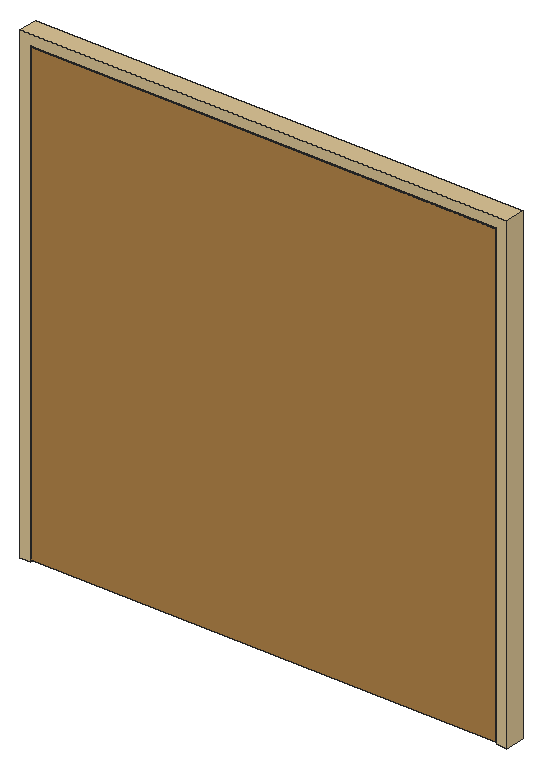
Revit family "DAL_A3-Garage-4-Panel-vertical-(UK)", category Doors, host Wall, Revit 2016
Family settings
  Host = Wall
  Always vertical = Yes
  Cut with Voids When Loaded = No
  Shared = No
  Room Calculation Point = No
Parameters (values of type "2271 x 2205mm Garage Door")
  Wrap Layers (Ext) from Ext = 102.5 mm
  Wrap Layers (Int) from Ext = 177.5 mm
  Vis - Ironmongery = yes
  Vis - Cavity Closers = yes
  Thickness = Door Panel Thickness  # 44.0 mm
  Stile Top Rail = 125.0 mm
  Stile Muntin Rail = 70.0 mm
  Stile Intermediate/Frieze = 70.0 mm
  Stile Hanging = 125.0 mm
  Stile Bottom Rail = 125.0 mm
  Rough Width = Width  # 2271.0 mm
  Rough Height = Height  # 2205.0 mm
  Operation = "UserDefined"
  O/A Frame Width = 64.0 mm
  Handle Z Distance = 900.0 mm
  Function = Interior
  FrameWidth = 42.0 mm
  FrameOffset - External = 25.0 mm
  FrameDepth = 89.0 mm
  Door Panel Thickness = 44.0 mm
  Height = 2205.0 mm
  Material Door = Door - Panel
  Material Frame = Door -  Frame/Mullion
  Material Ironmongery = Door - Handle
  Structural Tolerance = 6.5 mm
  Tolerance = 3.0 mm
  Undercut = 10.0 mm
  Wall Closure = By host
  Width = 2271.0 mm
  Cavity Closer Width = 50.0 mm
  Cavity Closer Offset from Ext = 102.5 mm
  Cavity Closer Depth = 85.0 mm
Types (2, lengths in mm): name | Stile Muntin Rail | Rough Height | Height
  2271 x 2052mm | 75.0 | 2052.0 | 2052.0
  2271 x 2205mm Garage Door | 70.0 | 2205.0 | 2205.0
Reference planes
  plane 1: y = 0
  plane 2 "Center L/R": x = 0
  plane 3 "Left": x = -1135.5
  plane 4 "Right": x = 1135.5
  plane 5 "Head Opening": z = 2205
  plane 6 "Exterior": y = 150
  plane 7 "Interior": y = -150
  plane 8 "ST left": x = -1129
  plane 9 "ST right": x = 1129
  plane 10 "Int frame left": x = -1087
  plane 11 "Int frame right": x = 1087
  plane 12 "RHS Leaf Edge": x = 1084
  plane 13: z = 2198.5
  plane 14: z = 2156.5
  plane 15: z = 2153.5
  plane 16: y = 83
  plane 17 "LHS Leaf Edge": x = -1084
  plane 18: z = 0
  plane 19: y = 80
  plane 20: y = 125
  plane 21: y = 36
  plane 22: y = 180
  plane 23: z = 10
  plane 24: z = 0
  plane 25 "Front Cavity Closer": y = 47.5
  plane 26: x = 959
  plane 27: x = -959
  plane 28: z = 2028.5
  plane 29: z = 135
  plane 30: z = 900
  plane 31: x = 0
  plane 32: x = -479.5
  plane 33: x = 479.5
  plane 34: x = 514.5
  plane 35: x = 444.5
  plane 36: x = 35
  plane 37: x = -35
  plane 38: x = -444.5
  plane 39: x = -514.5
  plane 40: z = 1953.5
  plane 41: y = 47.5
  plane 42: y = -27.5
Forms (mm)
  Sweep 1, solid, material "Door -  Frame/Mullion" <- "Material Frame"
    path origin (0, 125, 0) x (1, 0, 0) y (0, 0, 1)
      loop
        line (1129, 0) -> (1129, 2198.5) -> (-1129, 2198.5) -> (-1129, 0)
    profile origin (0, 0, 1099.25) x (-1, 0, 0) y (0, -1, 0)
      loop
        line (-1135.5, -125) -> (-1065, -125) -> (-1065, -83) -> (-1087, -83) -> (-1087, -36) -> (-1135.5, -36) -> (-1135.5, -125)
  Extrusion 2, solid, material "Door - Panel" <- "Material Door"
    sketch origin (0, 36, 0) x (1, 0, 0) y (0, 0, 1)
      loop
        line (-1084, 10) -> (1084, 10) -> (1084, 2153.5) -> (-1084, 2153.5) -> (-1084, 10)
    from 0 to -44
  Extrusion 3, void
    sketch origin (1084, 80, 10) x (0, 0, 1) y (-1, 0, 0)
      loop
        line (125, 125) -> (1943.5, 125)
        arc (1943.5, 125) -> (2018.534, 347.25) -> (1943.5, 569.5) r 366.669
        line (1943.5, 569.5) -> (125, 569.5) -> (125, 125)
      loop
        line (125, 639.5) -> (1943.5, 639.5)
        arc (1943.5, 639.5) -> (2018.608, 844.25) -> (1943.5, 1049) r 316.636
        line (1943.5, 1049) -> (125, 1049) -> (125, 639.5)
      loop
        line (125, 1119) -> (1943.5, 1119)
        arc (1943.5, 1119) -> (2018.515, 1323.75) -> (1943.5, 1528.5) r 316.937
        line (1943.5, 1528.5) -> (125, 1528.5) -> (125, 1119)
      loop
        line (125, 1598.5) -> (1941.823, 1598.5)
        arc (1941.823, 1598.5) -> (2018.519, 1820.75) -> (1941.823, 2043) r 360.37
        line (1941.823, 2043) -> (125, 2043) -> (125, 1598.5)
    from 0 to 12
Cuts and joins
  Extrusion 3 cuts Sweep 1
  Extrusion 3 cuts Extrusion 2
Lines and regions (mm)
  Opening 1
    outline origin (-5000, -150, 0) x (1, 0, 0) y (0, 0, 1)
      loop
        line (6135.5, 2205) -> (3864.5, 2205) -> (3864.5, 0) -> (6135.5, 0) -> (6135.5, 2205)
  symbolic lines, style "Structural Opening", detail levels medium+fine
    curve 1: line (-1135.5, 0, 0) -> (-1135.5, 0, 2205)
    curve 2: line (-1135.5, 0, 2205) -> (1135.5, 0, 2205)
    curve 3: line (1135.5, 0, 2205) -> (1135.5, 0, 0)
    curve 4: line (-1135.5, 0, 0) -> (1135.5, 0, 0)
  symbolic lines, style "Threshold", detail levels medium+fine
    curve 5: line (-1160.5, 150, 0) -> (-1160.5, 180, 0)
    curve 6: line (-1160.5, 180, 0) -> (1160.5, 180, 0)
    curve 7: line (1160.5, 180, 0) -> (1160.5, 150, 0)
    curve 8: line (1084, 36, 0) -> (-256.5, 36, 0)
  symbolic lines, style "Cavity Closer", visible <- "Vis - Cavity Closers", detail levels medium+fine
    curve 9: line (-1185.5, -37.5, 0) -> (-1135.5, -37.5, 0)
    curve 10: line (-1185.5, 47.5, 0) -> (-1185.5, -37.5, 0)
    curve 11: line (-1135.5, 47.5, 0) -> (-1185.5, 47.5, 0)
    curve 12: line (-1135.5, -37.5, 0) -> (-1135.5, 47.5, 0)
    curve 13: line (1135.5, -37.5, 0) -> (1185.5, -37.5, 0)
    curve 14: line (1135.5, 47.5, 0) -> (1135.5, -37.5, 0)
    curve 15: line (1185.5, 47.5, 0) -> (1135.5, 47.5, 0)
    curve 16: line (1185.5, -37.5, 0) -> (1185.5, 47.5, 0)
    curve 17: line (-1185.5, -37.5, 0) -> (-1135.5, 47.5, 0)
    curve 18: line (-1185.5, 47.5, 0) -> (-1135.5, -37.5, 0)
    curve 19: line (1135.5, -37.5, 0) -> (1185.5, 47.5, 0)
    curve 20: line (1135.5, 47.5, 0) -> (1185.5, -37.5, 0)
  symbolic lines, style "DoorsFrameMullionProjection"
    curve 21: line (1087, 0, 0) -> (-853.5, 0, 0)
    curve 22: line (1087, 0, 2153.5) -> (1087, 0, 0)
    curve 23: line (-853.5, 0, 2153.5) -> (1087, 0, 2153.5)
    curve 24: line (1160.5, 0, -15.905) -> (1160.5, 0, 0)
  symbolic lines, style "Elevation Swing"
    curve 25: line (1065, 0, 10) -> (1.5, 0, 2153.5)
    curve 26: line (0, 0, 2153.5) -> (-1065, 0, 10)
  symbolic lines, style "DoorsPanelProjection"
    curve 27: line (1084, 80, 0) -> (-1084, 80, 0)
    curve 28: line (-1084, 36, 0) -> (1084, 36, 0)
    curve 29: line (-1084, 80, 0) -> (-1084, 36, 0)
    curve 30: line (1084, 36, 0) -> (1084, 80, 0)
Text (mm)
  text "Exterior" at (-1796.445, 976.134, 0), in view "Ref. Level"
  text "Exterior" at (0, 1615.38, 2893.938), in view "Left"
  text "Exterior" at (0, 1036.032, 3874.932), in view "Right"
Dimensions and locks
  equal spacing: plane 3 "Left", plane 2 "Center L/R", plane 4 "Right"
  "Width": plane 3 "Left" to plane 4 "Right"
  "Height": level to plane 5 "Head Opening"
  locked: plane 6 "Exterior" to host wall at 0
  locked: plane 7 "Interior" to host wall
  "Structural Tolerance": plane 3 "Left" to plane 8 "ST left"
  "Structural Tolerance": plane 9 "ST right" to plane 4 "Right"
  "Tolerance": plane 12 "RHS Leaf Edge" to plane 11 "Int frame right"
  "Structural Tolerance": plane 5 "Head Opening" to plane 13
  "Tolerance": plane 14 to plane 15
  "Door Panel Thickness": plane 21 to plane 19
  "Tolerance": plane 10 "Int frame left" to plane 17 "LHS Leaf Edge"
  locked: plane 18 to level
  "Tolerance": plane 19 to plane 16
  "FrameDepth": plane 21 to plane 20
  "FrameWidth": plane 8 "ST left" to plane 10 "Int frame left"
  "FrameWidth": plane 11 "Int frame right" to plane 9 "ST right"
  "O/A Frame Width": Sweep 1 sketch curve to plane 9 "ST right"
  "FrameOffset - External": plane 20 to plane 6 "Exterior"
  locked: plane 6 "Exterior" to plane 22 at 30
  "Undercut": plane 24 to plane 23
  "FrameWidth": plane 13 to plane 14
  "Cavity Closer Offset from Ext": plane 25 "Front Cavity Closer" to plane 6 "Exterior"
  "Cavity Closer Depth": curve 9 to plane 25 "Front Cavity Closer"
  "Cavity Closer Depth": curve 13 to plane 25 "Front Cavity Closer"
  "Cavity Closer Width": curve 10 to plane 3 "Left"
  "Cavity Closer Width": plane 4 "Right" to curve 16
  "Cavity Closer Offset from Ext": nested 2 to plane 6 "Exterior"
  level to plane 15 = 2153.5 mm
  "Stile Bottom Rail": plane 23 to plane 29
  "Stile Hanging": plane 17 "LHS Leaf Edge" to plane 27
  "Stile Hanging": plane 26 to plane 12 "RHS Leaf Edge"
  "Stile Top Rail": plane 28 to plane 15
  equal spacing: plane 35, plane 33, plane 34
  "Stile Muntin Rail": plane 35 to plane 34
  "Stile Muntin Rail": plane 37 to plane 36
  equal spacing: plane 37, plane 31, plane 36
  equal spacing: plane 39, plane 32, plane 38
  "Stile Muntin Rail": plane 39 to plane 38
  equal spacing: plane 26, plane 33, plane 31, plane 32, plane 27
  locked: plane 40 to plane 28 at 75
  "Handle Z Distance": level to plane 30
  "Wrap Layers (Ext) from Ext": plane 41 to plane 6 "Exterior"
  "Wrap Layers (Int) from Ext": plane 42 to plane 6 "Exterior"
  radius of Extrusion 3 sketch curve = 366.669 mm
  radius of Extrusion 3 sketch curve = 360.37 mm
  radius of Extrusion 3 sketch curve = 316.937 mm
  radius of Extrusion 3 sketch curve = 316.636 mm
  aligned and locked: plane 1 to host wall
  aligned and locked: plane 9 "ST right" to Sweep 1 sketch curve
  aligned and locked: plane 13 to Sweep 1 sketch curve
  aligned and locked: profile plane to plane 9 "ST right"
  aligned and locked: Sweep 1 sketch curve to plane 4 "Right"
  aligned and locked: Sweep 1 sketch curve to plane 16
  aligned and locked: plane 11 "Int frame right" to Sweep 1 sketch curve
  aligned and locked: plane 21 to Sweep 1 sketch curve
  aligned and locked: Sweep 1 sketch curve to plane 20
  aligned and locked: plane 15 to Extrusion 2 sketch curve
  aligned and locked: Extrusion 2 to plane 19
  aligned and locked: plane 23 to Extrusion 2
  aligned and locked: curve 6 to plane 22
  aligned and locked: plane 3 "Left" to nested 1
  aligned and locked: nested 1 to plane 25 "Front Cavity Closer"
  aligned and locked: nested 2 to plane 4 "Right"
  aligned and locked: plane 25 "Front Cavity Closer" to nested 2
  aligned and locked: Extrusion 2 sketch curve to plane 17 "LHS Leaf Edge"
  aligned and locked: level to Sweep 1 sketch curve  (x2)
  aligned and locked: level to plane 24
  aligned and locked: cut or joined group of Sweep 1, Extrusion 3 to curve 26
  aligned and locked: cut or joined group of Sweep 1, Extrusion 3 to curve 25
  aligned and locked: nested 3 to cut or joined group of Extrusion 2, Extrusion 3
  aligned and locked: plane 31 to nested 3
  aligned and locked: plane 30 to nested 3
Automatic sketch dimensions
  Sweep 1 sketch curve to plane 8 "ST left" = 0.0 mm
  Extrusion 2 sketch curve to plane 12 "RHS Leaf Edge" = 0.0 mm
  curve 12 to plane 3 "Left" = 0.0 mm
  curve 20 to plane 4 "Right" = 0.0 mm
  curve 12 to plane 25 "Front Cavity Closer" = 0.0 mm
  curve 14 to plane 25 "Front Cavity Closer" = 0.0 mm
  curve 7 to host wall = 0.0 mm
  curve 5 to host wall = 0.0 mm
  curve 6 to plane 4 "Right" = 25.0 mm
  plane 3 "Left" to curve 6 = 25.0 mm
  Extrusion 2 sketch curve to plane 23 = 0.0 mm
  curve 8 to plane 2 "Center L/R" = 256.5 mm
  curve 29 to plane 17 "LHS Leaf Edge" = 0.0 mm
  curve 8 to plane 12 "RHS Leaf Edge" = 0.0 mm
  curve 28 to plane 21 = 0.0 mm
  curve 30 to plane 19 = 0.0 mm
  Extrusion 3 sketch curve to plane 26 = 0.0 mm
  Extrusion 3 sketch curve to plane 29 = 0.0 mm  (x4)
  Extrusion 3 sketch curve to plane 27 = 0.0 mm
  Extrusion 3 sketch curve to plane 34 = 0.0 mm
  Extrusion 3 sketch curve to plane 40 = 0.0 mm  (x6)
  Extrusion 3 sketch curve to plane 37 = 0.0 mm
  Extrusion 3 sketch curve to plane 38 = 0.0 mm
  Extrusion 3 sketch curve to plane 35 = 0.0 mm
  Extrusion 3 sketch curve to plane 36 = 0.0 mm
  Extrusion 3 sketch curve to plane 39 = 0.0 mm
  plane 40 to Extrusion 3 sketch curve = 1.677 mm  (x2)
  curve 1 to plane 3 "Left" = 0.0 mm
  curve 1 to plane 5 "Head Opening" = 0.0 mm
  curve 22 to plane 11 "Int frame right" = 0.0 mm
  curve 22 to plane 15 = 0.0 mm
  curve 25 to plane 23 = 0.0 mm
  curve 26 to plane 23 = 0.0 mm
  curve 22 to level = 0.0 mm
  curve 3 to level = 0.0 mm
  curve 24 to level = 0.0 mm
  curve 26 to plane 2 "Center L/R" = 0.0 mm
  curve 3 to plane 4 "Right" = 0.0 mm
  curve 24 to level = 15.905 mm
  plane 2 "Center L/R" to curve 25 = 1.5 mm
  curve 3 to curve 24 = 25.0 mm
  curve 21 to plane 27 = 105.5 mm
  curve 23 to plane 27 = 105.5 mm
  Opening 1 sketch curve to plane 3 "Left" = 0.0 mm
  Opening 1 sketch curve to level = 0.0 mm
  Opening 1 sketch curve to plane 4 "Right" = 0.0 mm
  Opening 1 sketch curve to plane 5 "Head Opening" = 0.0 mm
Nested families
  nested 1: "UK_Cavity Closer" at (-1185.5, 47.5, 0), visible <- "Vis - Cavity Closers", type "UK_Cavity Closer", detail levels medium+fine
    with Closer Depth 85.0 mm
  nested 2: "UK_Cavity Closer" at (1135.5, 47.5, 0), visible <- "Vis - Cavity Closers", type "UK_Cavity Closer", detail levels medium+fine
    with Closer Depth 85.0 mm
  nested 3: "UK_Handle - Garage" at (0, 80, 0), visible <- "Vis - Ironmongery", type "UK_Handle - Garage", detail levels medium+fine
    with Handle Z Distance 900.0 mm
Definition of nested family "UK_Handle - Garage"
  Parameters
    Manufacturer = "Revit"
    Material Ironmongery = none
    Handle Z Distance = 0.0 mm
    Handle X Distance = 0.0 mm
  Reference planes
    plane 1 "Center (Front/Back)": y = 0
    plane 2: z = 0
    plane 3 "Center (Left/Right)": x = 0
    plane 4: z = 0
    plane 5: x = 0
  Forms (mm)
    Extrusion 1, solid, material <- "Material Ironmongery", detail levels medium+fine
      sketch origin (0, 0, 0) x (1, 0, 0) y (0, 0, 1)
        loop
          circle (0, 0) r 20
      from 0 to -3
    Extrusion 2, solid, material <- "Material Ironmongery"
      sketch origin (0, 3, 0) x (-1, 0, 0) y (0, 0, 1)
        loop
          circle (0, 0) r 7
      from 0 to 30
    Revolve 3, solid, material <- "Material Ironmongery"
      sketch origin (0, 66, 1.664) x (0, 0, -1) y (0, -1, 0)
        loop
          line (-7, 33) -> (58, 33)
          arc (58, 33) -> (57.482, 34.139) -> (56.453, 34.849) r 2.344
          arc (56.453, 34.849) -> (29.833, 41.66) -> (2.451, 43.951) r 164.751
          arc (2.451, 43.951) -> (-4.232, 41.183) -> (-7, 34.5) r 9.451
          line (-7, 34.5) -> (-7, 33)
        axis (58, 33) -> (-7, 33)
      angle from 90 to 270
  Dimensions and locks
    "Handle Z Distance": plane 4 to level
    "Handle X Distance": plane 5 to plane 3 "Center (Left/Right)"
    aligned and locked: plane 5 to Revolve 3
  Automatic sketch dimensions
    Extrusion 1 sketch curve to plane 4 = 0.0 mm
    Extrusion 1 sketch curve to plane 5 = 0.0 mm
    Extrusion 2 sketch curve to plane 4 = 0.0 mm
    Extrusion 2 sketch curve to plane 5 = 0.0 mm
    Revolve 3 sketch curve to plane 4 = 33.092 mm
    Revolve 3 sketch curve to plane 4 = 8.664 mm
    plane 4 to Revolve 3 sketch curve = 0.787 mm
    Revolve 3 sketch curve to Revolve 3 sketch curve = 46.121 mm
    Revolve 3 sketch curve to Revolve 3 sketch curve = 7.112 mm
    Revolve 3 sketch curve to Revolve 3 sketch curve = 0.768 mm
    Revolve 3 sketch curve to Revolve 3 sketch curve = 0.0 mm
    Revolve 3 sketch curve to Revolve 3 sketch curve = 2.316 mm
    Revolve 3 sketch curve to plane 1 "Center (Front/Back)" = 186.8 mm
    Revolve 3 sketch curve to plane 1 "Center (Front/Back)" = 33.365 mm
    Revolve 3 sketch curve to Revolve 3 sketch curve = 0.365 mm
    Revolve 3 sketch curve to Revolve 3 sketch curve = 9.451 mm
    radius of Extrusion 1 sketch curve = 20.0 mm
    radius of Extrusion 2 sketch curve = 7.0 mm
Definition of nested family "UK_Cavity Closer"
  Parameters
    Closer Width = 50.0 mm
    Closer Depth = 75.0 mm
  Reference planes
    plane 1 "Center (Front/Back)": y = 0
    plane 2: z = 0
    plane 3 "Center (Left/Right)": x = 0
    plane 4: x = 50, in view "Ref. Level"
    plane 5: y = -75, in view "Ref. Level"
  Lines and regions (mm)
    Masking region 1, in view "Ref. Level"
      outline origin (0, 0, 0) x (1, 0, 0) y (0, 1, 0)
        loop
          line (0, 0) -> (0, -75) -> (50, -75) -> (50, 0) -> (0, 0)
  Dimensions and locks
    "Closer Width": plane 3 "Center (Left/Right)" to plane 4
    "Closer Depth": plane 5 to plane 1 "Center (Front/Back)"
  Automatic sketch dimensions
    Masking region 1 sketch curve to plane 3 "Center (Left/Right)" = 0.0 mm
    Masking region 1 sketch curve to plane 4 = 0.0 mm
    Masking region 1 sketch curve to plane 5 = 0.0 mm
    Masking region 1 sketch curve to plane 1 "Center (Front/Back)" = 0.0 mm
